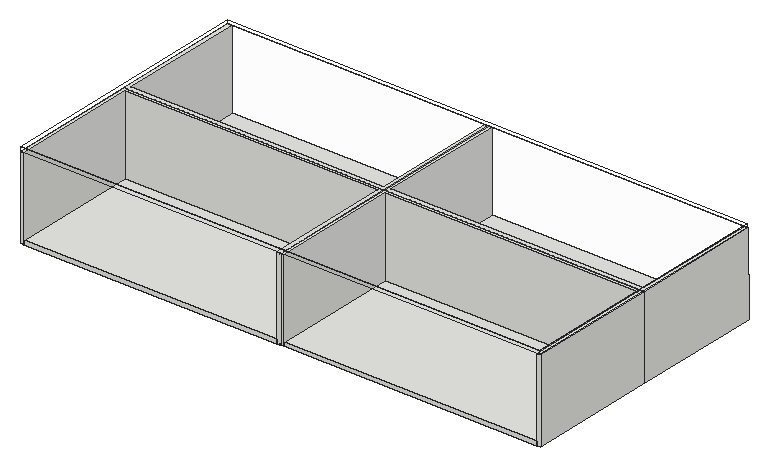
Revit family "Table-Coffee-Teknion-STLB_Masalla-R2013", category Furniture, Revit 2013
Parameters (values of type "4 Box Rectangle, Plus")
  Width = 66.92913"
  Warranty = "http://www.teknionstudio.com/pdfs/Teknion%20Studio%20Warranty.pdf"
  Unit Weight = 0.00 lbf
  URL = "www.teknionstudio.com"
  Table Top Finish [instance] = Glass - Teknion - A5 - Standard - Clear
  Surface D Finish [instance] = Paint - Teknion - True White
  Surface C Finish [instance] = Paint - Teknion - True White
  Surface B Finish [instance] = Paint - Teknion - True White
  Surface A Finish [instance] = Paint - Teknion - True White
  Series = "Studio"
  Product Line = "Masalla"
  Product Documentation Link = "http://www.teknionstudio.com/pricing/STLB_ppg.pdf"
  Part Number = "STLB"
  Model = "STLB"
  Manufacturer Phone = "919-464-2920"
  Manufacturer Fax = "919-464-2927"
  Manufacturer Email = "customersupport@teknionstudio.com"
  Manufacturer Address = "3941 US 70 Business HWY West, Clayton, NC 27520"
  Manufacturer = "Teknion Studio"
  Low Emitting Material = yes
  Low Emitting Finish = yes
  Height = 12.59843"
  Description = "Masalla Table, 4 Box Rectangle - Plus"
  Depth = 33.46457"
  Assembly Code = "E2020200"
Reference planes (in)
  plane 1 "Center F/B": y = 0
  plane 2: z = 0
  plane 3 "Center L/R": x = 0
  plane 4 "Left": x = -33.46457
  plane 5 "Right": x = 33.46457
  plane 6 "Back": y = 16.73228
  plane 7 "Front": y = -16.73228
  plane 8 "Top": z = 12.59843
  plane 9: z = 1.5748
  plane 10: z = 12.12598
Forms (in)
  Sweep 1, solid, material "Paint - Teknion - Smoke"
    path origin (0, 0, 0) x (1, 0, 0) y (0, 0, 1)
      loop
        line (0, 0) -> (0, 1.5748)
    profile origin (0, 0, 0.7874) x (-1, 0, 0) y (0, -1, 0)
      loop
        line (31.10236, -14.37008) -> (31.10236, 14.37008) -> (-31.10236, 14.37008) -> (-31.10236, -14.37008) -> (31.10236, -14.37008)
      loop
        line (-30.62992, -13.89764) -> (30.62992, -13.89764) -> (30.62992, 13.89764) -> (-30.62992, 13.89764) -> (-30.62992, -13.89764)
  Sweep 2, solid, material "Paint - Teknion - Smoke"
    path origin (0, 0, 0) x (1, 0, 0) y (0, 0, 1)
      loop
        line (0, 1.5748) -> (0, 1.10236)
    profile origin (0, 0, 1.33858) x (0, -1, 0) y (1, 0, 0)
      loop
        line (-13.89764, -30.62992) -> (13.89764, -30.62992) -> (13.89764, 30.62992) -> (-13.89764, 30.62992) -> (-13.89764, -30.62992)
  Sweep 3, solid, material "Glass - Teknion - A5 - Standard - Clear" <- "Table Top Finish"
    path origin (0, 0, 0) x (1, 0, 0) y (0, 0, 1)
      loop
        line (0, 12.59843) -> (0, 12.12598)
    profile origin (0, 0, 12.3622) x (0, -1, 0) y (1, 0, 0)
      loop
        line (-16.73228, -33.46457) -> (16.73228, -33.46457) -> (16.73228, 33.46457) -> (-16.73228, 33.46457) -> (-16.73228, -33.46457)
  Sweep 4, solid, material "Paint - Teknion - True White" <- "Surface A Finish"
    path origin (0, 0, 0) x (1, 0, 0) y (0, 0, 1)
      loop
        line (0, 1.5748) -> (0, 2.04724)
    profile origin (0, 0, 1.81102) x (-1, 0, 0) y (0, -1, 0)
      loop
        line (32.99213, -16.73228) -> (32.99213, -0.47244) -> (0.47244, -0.47244) -> (0.47244, -16.73228) -> (32.99213, -16.73228)
  Sweep 5, solid, material "Paint - Teknion - True White" <- "Surface A Finish"
    path origin (0, 0, 0) x (1, 0, 0) y (0, 0, 1)
      loop
        line (0, 12.12598) -> (0, 1.5748)
    profile origin (0, 0, 6.85039) x (0, -1, 0) y (1, 0, 0)
      loop
        line (-16.73228, -33.46457) -> (0, -33.46457) -> (0, 0) -> (-16.73228, 0) -> (-16.73228, -0.47244) -> (-0.47244, -0.47244) -> (-0.47244, -32.99213) -> (-16.73228, -32.99213) -> (-16.73228, -33.46457)
  Sweep 6, solid, material "Paint - Teknion - True White" <- "Surface B Finish"
    path origin (0, 0, 0) x (1, 0, 0) y (0, 0, 1)
      loop
        line (0, 1.5748) -> (0, 12.12598)
    profile origin (0, 0, 6.85039) x (-1, 0, 0) y (0, -1, 0)
      loop
        line (-33.46457, 0) -> (-33.46457, -16.73228) -> (-32.99213, -16.73228) -> (-32.99213, -0.47244) -> (-0.47244, -0.47244) -> (-0.47244, -16.73228) -> (0, -16.73228) -> (0, 0) -> (-33.46457, 0)
  Sweep 7, solid, material "Paint - Teknion - True White" <- "Surface C Finish"
    path origin (0, 0, 0) x (1, 0, 0) y (0, 0, 1)
      loop
        line (0, 12.12598) -> (0, 1.5748)
    profile origin (0, 0, 6.85039) x (0, -1, 0) y (1, 0, 0)
      loop
        line (16.73228, -33.46457) -> (16.73228, -32.99213) -> (0.47244, -32.99213) -> (0.47244, -0.47244) -> (16.73228, -0.47244) -> (16.73228, 0) -> (0, 0) -> (0, -33.46457) -> (16.73228, -33.46457)
  Sweep 8, solid, material "Paint - Teknion - True White" <- "Surface D Finish"
    path origin (0, 0, 0) x (1, 0, 0) y (0, 0, 1)
      loop
        line (0, 12.12598) -> (0, 1.5748)
    profile origin (0, 0, 6.85039) x (0, -1, 0) y (1, 0, 0)
      loop
        line (0, 33.46457) -> (0, 0) -> (16.73228, 0) -> (16.73228, 0.47244) -> (0.47244, 0.47244) -> (0.47244, 32.99213) -> (16.73228, 32.99213) -> (16.73228, 33.46457) -> (0, 33.46457)
  Sweep 9, solid, material "Paint - Teknion - True White" <- "Surface B Finish"
    path origin (0, 0, 0) x (-1, 0, 0) y (0, 0, 1)
      loop
        line (0, 1.5748) -> (0, 2.04724)
    profile origin (0, 0, 1.81102) x (-1, 0, 0) y (0, -1, 0)
      loop
        line (-32.99213, -16.73228) -> (-0.47244, -16.73228) -> (-0.47244, -0.47244) -> (-32.99213, -0.47244) -> (-32.99213, -16.73228)
  Sweep 10, solid, material "Paint - Teknion - True White" <- "Surface D Finish"
    path origin (0, 0, 0) x (-1, 0, 0) y (0, 0, 1)
      loop
        line (0, 1.5748) -> (0, 2.04724)
    profile origin (0, 0, 1.81102) x (1, 0, 0) y (0, 1, 0)
      loop
        line (32.99213, -16.73228) -> (32.99213, -0.47244) -> (0.47244, -0.47244) -> (0.47244, -16.73228) -> (32.99213, -16.73228)
  Sweep 11, solid, material "Paint - Teknion - True White" <- "Surface C Finish"
    path origin (0, 0, 0) x (1, 0, 0) y (0, 0, -1)
      loop
        line (0, -1.5748) -> (0, -2.04724)
    profile origin (0, 0, 1.81102) x (1, 0, 0) y (0, 1, 0)
      loop
        line (-32.99213, -16.73228) -> (-0.47244, -16.73228) -> (-0.47244, -0.47244) -> (-32.99213, -0.47244) -> (-32.99213, -16.73228)
Lines and regions (in)
  Masking region 1
    outline origin (0, 0, 12.59843) x (-1, 0, 0) y (0, -1, 0)
      loop
        line (33.46457, -16.73228) -> (33.46457, 16.73228) -> (-33.46457, 16.73228) -> (-33.46457, -16.73228) -> (33.46457, -16.73228)
  symbolic lines, style "Hidden Lines", detail levels medium+fine
    curve 1: line (-33.46457, 0, 12.59843) -> (33.46457, 0, 12.59843)
    curve 10: line (0, 16.73228, 12.59843) -> (0, -16.73228, 12.59843)
  symbolic lines, style "Hidden Lines", detail levels fine
    curve 2: line (-0.47244, 16.73228, 12.59843) -> (-0.47244, -16.73228, 12.59843)
    curve 3: line (0.47244, 16.73228, 12.59843) -> (0.47244, -16.73228, 12.59843)
    curve 4: line (32.99213, 16.73228, 12.59843) -> (32.99213, -16.73228, 12.59843)
    curve 5: line (-32.99213, 16.73228, 12.59843) -> (-32.99213, -16.73228, 12.59843)
    curve 6: line (-32.99213, 0.47244, 12.59843) -> (-0.47244, 0.47244, 12.59843)
    curve 7: line (0.47244, 0.47244, 12.59843) -> (32.99213, 0.47244, 12.59843)
    curve 8: line (32.99213, -0.47244, 12.59843) -> (0.47244, -0.47244, 12.59843)
    curve 9: line (-0.47244, -0.47244, 12.59843) -> (-32.99213, -0.47244, 12.59843)
Dimensions and locks (in)
  "Height": plane 8 "Top" to plane 2
  equal spacing: plane 4 "Left", plane 3 "Center L/R", plane 5 "Right"
  equal spacing: plane 6 "Back", plane 1 "Center F/B", plane 7 "Front"
  "Width": plane 4 "Left" to plane 5 "Right"
  "Depth": plane 6 "Back" to plane 7 "Front"
  Sweep 1 sketch curve to Sweep 1 sketch curve to plane 1 "Center F/B" to Sweep 1 sketch curve to Sweep 1 sketch curve = 0.47244" locked, 13.89764" locked, 13.89764" locked, 0.47244" locked
  Sweep 1 sketch curve to Sweep 1 sketch curve to plane 3 "Center L/R" to Sweep 1 sketch curve to Sweep 1 sketch curve = 0.47244", 30.62992" locked, 30.62992" locked, 0.47244" locked
  Sweep 2 sketch curve to plane 3 "Center L/R" to Sweep 2 sketch curve = 30.62992" locked, 30.62992" locked
  Sweep 2 sketch curve to plane 1 "Center F/B" to Sweep 2 sketch curve = 13.89764" locked, 13.89764" locked
  locked: plane 8 "Top" to Sweep 3 sketch curve at 0.47244
  locked: plane 8 "Top" to plane 10 at 0.47244
  locked: plane 9 to plane 2 at 1.5748
  locked: plane 9 to Sweep 2 sketch curve at 0.47244
  locked: Sweep 4 sketch curve to plane 9 at 0.47244
  locked: plane 4 "Left" to Sweep 4 sketch curve at 0.47244
  locked: plane 1 "Center F/B" to Sweep 4 sketch curve at 0.47244
  locked: Sweep 4 sketch curve to plane 3 "Center L/R" at 0.47244
  locked: plane 1 "Center F/B" to Sweep 5 sketch curve at 0.47244
  locked: plane 4 "Left" to Sweep 5 sketch curve at 0.47244
  locked: Sweep 5 sketch curve to plane 3 "Center L/R" at 0.47244
  locked: plane 3 "Center L/R" to Sweep 6 sketch curve at 0.47244
  locked: Sweep 6 sketch curve to plane 5 "Right" at 0.47244
  locked: plane 1 "Center F/B" to Sweep 6 sketch curve at 0.47244
  locked: plane 4 "Left" to Sweep 7 sketch curve at 0.47244
  locked: Sweep 7 sketch curve to plane 3 "Center L/R" at 0.47244
  locked: Sweep 7 sketch curve to plane 1 "Center F/B" at 0.47244
  locked: plane 3 "Center L/R" to Sweep 8 sketch curve at 0.47244
  locked: Sweep 8 sketch curve to plane 5 "Right" at 0.47244
  locked: Sweep 8 sketch curve to plane 1 "Center F/B" at 0.47244
  locked: plane 3 "Center L/R" to Sweep 9 sketch curve at 0.47244
  locked: Sweep 9 sketch curve to plane 5 "Right" at 0.47244
  locked: plane 1 "Center F/B" to Sweep 9 sketch curve at 0.47244
  locked: Sweep 9 sketch curve to plane 9 at 0.47244
  locked: Sweep 10 sketch curve to plane 1 "Center F/B" at 0.47244
  locked: Sweep 10 sketch curve to plane 5 "Right" at 0.47244
  locked: plane 3 "Center L/R" to Sweep 10 sketch curve at 0.47244
  locked: Sweep 10 sketch curve to plane 9 at 0.47244
  locked: plane 4 "Left" to Sweep 11 sketch curve at 0.47244
  locked: Sweep 11 sketch curve to plane 3 "Center L/R" at 0.47244
  locked: Sweep 11 sketch curve to plane 1 "Center F/B" at 0.47244
  locked: Sweep 11 sketch curve to plane 9 at 0.47244
  locked: plane 4 "Left" to curve 5 at 0.47244
  locked: curve 4 to plane 5 "Right" at 0.47244
  locked: curve 2 to plane 3 "Center L/R" at 0.47244
  locked: plane 3 "Center L/R" to curve 3 at 0.47244
  locked: plane 1 "Center F/B" to curve 6 at 0.47244
  locked: curve 9 to plane 1 "Center F/B" at 0.47244
  locked: plane 1 "Center F/B" to curve 7 at 0.47244
  locked: curve 8 to plane 1 "Center F/B" at 0.47244
  aligned and locked: level to plane 2
  aligned and locked: plane 3 "Center L/R" to Sweep 1 sketch curve
  aligned and locked: plane 2 to Sweep 1 sketch curve
  aligned and locked: Sweep 2 sketch curve to plane 3 "Center L/R"
  aligned and locked: Sweep 3 sketch curve to plane 3 "Center L/R"
  aligned and locked: plane 8 "Top" to Sweep 3 sketch curve
  aligned and locked: Sweep 3 sketch curve to plane 6 "Back"
  aligned and locked: plane 4 "Left" to Sweep 3 sketch curve
  aligned and locked: Sweep 3 sketch curve to plane 7 "Front"
  aligned and locked: Sweep 3 sketch curve to plane 5 "Right"
  aligned and locked: plane 9 to Sweep 1 sketch curve
  aligned and locked: plane 9 to Sweep 2 sketch curve
  aligned and locked: plane 9 to Sweep 4 sketch curve
  aligned and locked: plane 3 "Center L/R" to Sweep 4 sketch curve
  aligned and locked: Sweep 4 sketch curve to plane 6 "Back"
  aligned and locked: plane 10 to Sweep 5 sketch curve
  aligned and locked: Sweep 5 sketch curve to plane 3 "Center L/R"  (x2)
  aligned and locked: plane 9 to Sweep 5 sketch curve
  aligned and locked: Sweep 5 sketch curve to plane 4 "Left"
  aligned and locked: Sweep 5 sketch curve to plane 6 "Back"  (x2)
  aligned and locked: Sweep 5 sketch curve to plane 1 "Center F/B"
  aligned and locked: plane 10 to Sweep 6 sketch curve
  aligned and locked: plane 9 to Sweep 6 sketch curve
  aligned and locked: plane 3 "Center L/R" to Sweep 6 sketch curve
  aligned and locked: Sweep 6 sketch curve to plane 3 "Center L/R"
  aligned and locked: Sweep 6 sketch curve to plane 1 "Center F/B"
  aligned and locked: plane 5 "Right" to Sweep 6 sketch curve
  aligned and locked: Sweep 6 sketch curve to plane 6 "Back"  (x2)
  aligned and locked: plane 10 to Sweep 7 sketch curve
  aligned and locked: plane 9 to Sweep 7 sketch curve
  aligned and locked: Sweep 7 sketch curve to plane 3 "Center L/R"  (x2)
  aligned and locked: plane 4 "Left" to Sweep 7 sketch curve
  aligned and locked: Sweep 7 sketch curve to plane 1 "Center F/B"
  aligned and locked: Sweep 7 sketch curve to plane 7 "Front"  (x2)
  aligned and locked: plane 10 to Sweep 8 sketch curve
  aligned and locked: plane 9 to Sweep 8 sketch curve
  aligned and locked: Sweep 8 sketch curve to plane 3 "Center L/R"  (x2)
  aligned and locked: Sweep 8 sketch curve to plane 1 "Center F/B"
  aligned and locked: Sweep 8 sketch curve to plane 5 "Right"
  aligned and locked: Sweep 8 sketch curve to plane 7 "Front"  (x2)
  aligned and locked: plane 6 "Back" to Sweep 9 sketch curve
  aligned and locked: plane 9 to Sweep 9 sketch curve
  aligned and locked: Sweep 10 sketch curve to plane 7 "Front"
  aligned and locked: plane 9 to Sweep 10 sketch curve
  aligned and locked: plane 7 "Front" to Sweep 11 sketch curve
  aligned and locked: plane 9 to Sweep 11 sketch curve
  aligned and locked: Masking region 1 sketch curve to plane 6 "Back"
  aligned and locked: Masking region 1 sketch curve to plane 5 "Right"
  aligned and locked: Masking region 1 sketch curve to plane 7 "Front"
  aligned and locked: plane 4 "Left" to Masking region 1 sketch curve
  aligned and locked: plane 4 "Left" to curve 1
  aligned and locked: plane 5 "Right" to curve 1
  aligned and locked: plane 1 "Center F/B" to curve 1
  aligned and locked: plane 6 "Back" to curve 4
  aligned and locked: plane 6 "Back" to curve 3
  aligned and locked: plane 6 "Back" to curve 2
  aligned and locked: plane 7 "Front" to curve 4
  aligned and locked: plane 7 "Front" to curve 3
  aligned and locked: plane 7 "Front" to curve 2
  aligned and locked: plane 6 "Back" to curve 5
  aligned and locked: plane 7 "Front" to curve 5
  aligned and locked: curve 5 to curve 9
  aligned and locked: curve 2 to curve 9
  aligned and locked: curve 3 to curve 7
  aligned and locked: curve 4 to curve 8
  aligned and locked: curve 10 to plane 3 "Center L/R"
  aligned and locked: plane 7 "Front" to curve 10
  aligned and locked: plane 6 "Back" to curve 10
Automatic sketch dimensions
  Sweep 9 sketch curve to plane 3 "Center L/R" = 0.000"
  Sweep 10 sketch curve to plane 3 "Center L/R" = 0.000"
  Sweep 11 sketch curve to plane 3 "Center L/R" = 0.000"
